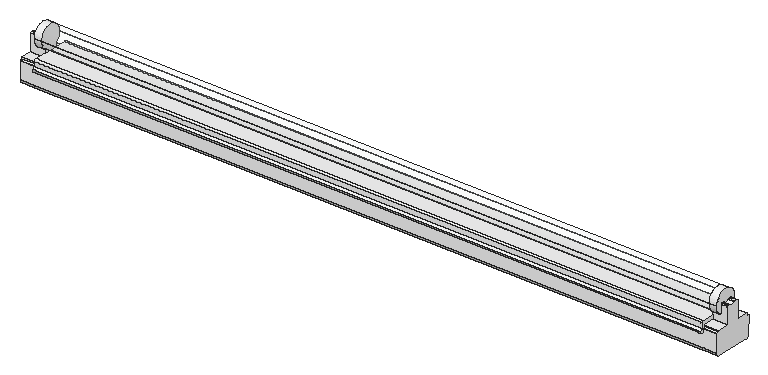
Revit family "CH4", category Lighting Fixtures, host Face, Revit 2012
Parameters (values of type "CH4-140-LE")
  Wattage Comments = "45W"
  Wattage = 9.2903 W
  built-in parameter 1150110 = 1.26 (stored number, unit not read)
  URL = "http://www.columbialighting.com/"
  built-in parameter 1114217 = 1.3366 (stored number, unit not read)
  Tilt Angle = -90.00°
  built-in parameter 1150109 = 1.56 (stored number, unit not read)
  built-in parameter 1150134 = 3
  built-in parameter 1150113 = 1 (stored number, unit not read)
  Product Page URL = "http://www.columbialighting.com/products/ch"
  Product Documentation Link = "http://www.columbialighting.com/content/products/specs/specs_files/ch.pdf"
  Photometric Web File = "8959.IES"
  Model = "CH4"  # constant formula
  Manufacturer Phone = "864.678.1000"  # constant formula
  Manufacturer Fax = "866.898.1065"  # constant formula
  Manufacturer = "Columbia Lighting"  # constant formula
  built-in parameter 1150105 = 109.82 (stored number, unit not read)
  Lumens = 1380 lm
  built-in parameter 1150115 = 1 (stored number, unit not read)
  built-in parameter 1150137 = 1
  built-in parameter 1150139 = (empty or 0)
  built-in parameter 1150112 = 1 (stored number, unit not read)
  built-in parameter 1150114 = 1 (stored number, unit not read)
  Lamp = "1"
  built-in parameter 1150132 = (empty or 0)
  built-in parameter 1150102 = (empty or 0)
  built-in parameter 1150107 = 3200 (stored number, unit not read)
  built-in parameter 1150138 = (empty or 0)
  built-in parameter 1150106 = 1.0982 (stored number, unit not read)
  Glass = Glass
  Emit from Line Length = 44.000"
  built-in parameter 1150104 = 13.8 (stored number, unit not read)
  Dimming Lamp Color Temperature Shift = <None>
  Description = "2', 3', 4', or 8' Heavy Duty Narrow Channel / 1or 2-Lamp T5, T8"  # constant formula
  Default Elevation = 48.000"
  Color Filter = 16777215
  built-in parameter 1114218 = 0.68 (stored number, unit not read)
  Ballast Factor = ".95"
  Backbox = White
  built-in parameter 1150133 = 10 (stored number, unit not read)
Reference planes (in)
  plane 1 "Center (Front/Back)": y = 0.03999
  plane 2: z = 0
  plane 3 "Center (Left/Right)": x = -0.42646
  plane 4: y = 1.53999
  plane 5: y = -1.46001
  plane 6: x = -24.42646
  plane 7: x = 23.57354
  plane 8: x = -23.92646
  plane 9: x = 23.07354
  plane 10: z = 3.4375
  plane 11: z = 1.5625
  plane 12: x = 22.57354
  plane 13: x = -23.42646
  plane 14: z = 1.8125
Forms (in)
  Extrusion 1, solid, material "White" <- "Backbox"
    sketch origin (-0.42646, 0, 0) x (0, 1, 0) y (0, 0, 1)
      loop
        line (0.03999, 1.5625) -> (-1.1639, 1.5625) -> (-1.1639, 1.4809)
        arc (-1.1639, 1.4809) -> (-1.18847, 1.42158) -> (-1.2478, 1.397) r 0.08389
        line (-1.2478, 1.397) -> (-1.30283, 1.397) -> (-1.30283, 0.20563)
        arc (-1.30283, 0.20563) -> (-1.24261, 0.06023) -> (-1.09721, 0) r 0.20563
        line (-1.09721, 0) -> (0.03999, 0) -> (1.17719, 0)
        arc (1.17719, 0) -> (1.32259, 0.06023) -> (1.38282, 0.20563) r 0.20563
        line (1.38282, 0.20563) -> (1.38282, 1.397) -> (1.32778, 1.397)
        arc (1.32778, 1.397) -> (1.26846, 1.42158) -> (1.24388, 1.4809) r 0.08389
        line (1.24388, 1.4809) -> (1.24388, 1.5625) -> (0.03999, 1.5625)
    from -24 to -23
  Extrusion 2, solid, material "White" <- "Backbox"
    sketch origin (-0.42646, 0, 0) x (0, 1, 0) y (0, 0, 1)
      loop
        line (1.38282, 0.20563) -> (1.38282, 1.147) -> (1.48609, 1.147)
        arc (1.48609, 1.147) -> (1.53766, 1.18078) -> (1.52729, 1.24156) r 0.05626
        arc (1.52729, 1.24156) -> (1.45578, 1.31995) -> (1.38282, 1.397) r 5.7198
        line (1.38282, 1.397) -> (1.38282, 1.71027)
        arc (1.38282, 1.71027) -> (1.35288, 1.78256) -> (1.28059, 1.8125) r 0.10223
        line (1.28059, 1.8125) -> (0.03999, 1.8125) -> (-1.20061, 1.8125)
        arc (-1.20061, 1.8125) -> (-1.27289, 1.78256) -> (-1.30283, 1.71027) r 0.10223
        line (-1.30283, 1.71027) -> (-1.30283, 1.397)
        arc (-1.30283, 1.397) -> (-1.37579, 1.31995) -> (-1.44731, 1.24156) r 5.7198
        arc (-1.44731, 1.24156) -> (-1.45768, 1.18078) -> (-1.40611, 1.147) r 0.05626
        line (-1.40611, 1.147) -> (-1.30283, 1.147) -> (-1.30283, 0.20563)
        arc (-1.30283, 0.20563) -> (-1.24261, 0.06023) -> (-1.09721, 0) r 0.20563
        line (-1.09721, 0) -> (0.03999, 0) -> (1.17719, 0)
        arc (1.17719, 0) -> (1.32259, 0.06023) -> (1.38282, 0.20563) r 0.20563
    from -23 to 23
  Extrusion 3, solid, material "White" <- "Backbox"
    sketch origin (-0.42646, 0, 0) x (0, 1, 0) y (0, 0, 1)
      loop
        line (1.24388, 1.4809) -> (1.24388, 1.5625) -> (0.03999, 1.5625) -> (-1.1639, 1.5625) -> (-1.1639, 1.4809)
        arc (-1.1639, 1.4809) -> (-1.18847, 1.42158) -> (-1.2478, 1.397) r 0.08389
        line (-1.2478, 1.397) -> (-1.30283, 1.397) -> (-1.30283, 0.20563)
        arc (-1.30283, 0.20563) -> (-1.24261, 0.06023) -> (-1.09721, 0) r 0.20563
        line (-1.09721, 0) -> (0.03999, 0) -> (1.17719, 0)
        arc (1.17719, 0) -> (1.32259, 0.06023) -> (1.38282, 0.20563) r 0.20563
        line (1.38282, 0.20563) -> (1.38282, 1.397) -> (1.32778, 1.397)
        arc (1.32778, 1.397) -> (1.26846, 1.42158) -> (1.24388, 1.4809) r 0.08389
    from 23 to 24
  Extrusion 4, solid, material "White" <- "Backbox"
    sketch origin (-0.42646, 0, 0) x (0, 1, 0) y (0, 0, 1)
      loop
        circle (0.03999, 2.67788) r 0.75962
    from 23 to 23.5
  Extrusion 5, solid, material "White" <- "Backbox"
    sketch origin (-0.42646, 0, 0) x (0, 1, 0) y (0, 0, 1)
      loop
        line (-0.20913, 2.7447) -> (-0.33744, 2.7447)
        arc (-0.33744, 2.7447) -> (-0.37267, 2.73011) -> (-0.38726, 2.69488) r 0.04982
        line (-0.38726, 2.69488) -> (-0.38726, 1.5625) -> (0.46724, 1.5625) -> (0.46724, 2.6918)
        arc (0.46724, 2.6918) -> (0.45174, 2.72921) -> (0.41433, 2.7447) r 0.05291
        line (0.41433, 2.7447) -> (0.2463, 2.7447)
        arc (0.2463, 2.7447) -> (0.22298, 2.73902) -> (0.20488, 2.72324) r 0.0507
        arc (0.20488, 2.72324) -> (0.02033, 2.62769) -> (-0.16483, 2.72204) r 0.22742
        arc (-0.16483, 2.72204) -> (-0.18425, 2.73871) -> (-0.20913, 2.7447) r 0.05462
    from -24 to -23
  Extrusion 6, solid, material "White" <- "Backbox"
    sketch origin (-0.42646, 0, 0) x (0, 1, 0) y (0, 0, 1)
      loop
        line (0.41433, 2.7447) -> (0.2463, 2.7447)
        arc (0.2463, 2.7447) -> (0.22298, 2.73902) -> (0.20488, 2.72324) r 0.0507
        arc (0.20488, 2.72324) -> (0.02033, 2.62769) -> (-0.16483, 2.72204) r 0.22742
        arc (-0.16483, 2.72204) -> (-0.18425, 2.73871) -> (-0.20913, 2.7447) r 0.05462
        line (-0.20913, 2.7447) -> (-0.33744, 2.7447)
        arc (-0.33744, 2.7447) -> (-0.37267, 2.73011) -> (-0.38726, 2.69488) r 0.04982
        line (-0.38726, 2.69488) -> (-0.38726, 1.5625) -> (0.46724, 1.5625) -> (0.46724, 2.6918)
        arc (0.46724, 2.6918) -> (0.45174, 2.72921) -> (0.41433, 2.7447) r 0.05291
    from 23 to 24
  Extrusion 7, solid, material "Glass" <- "Glass"
    sketch origin (-0.42646, 0, 0) x (0, 1, 0) y (0, 0, 1)
      loop
        circle (0.03999, 2.67788) r 0.75
    from -23 to 23
  Extrusion 8, solid, material "White" <- "Backbox"
    sketch origin (-0.42646, 0, 0) x (0, 1, 0) y (0, 0, 1)
      loop
        circle (0.03999, 2.67788) r 0.75
    from -23 to -23.5
Cuts and joins
  joined: Extrusion 1, Extrusion 2, Extrusion 3, Extrusion 4, Extrusion 5, Extrusion 6, Extrusion 8
Lines and regions (in)
  model lines
    curve 1: circle (23.57354, 0.04069, 0.78321) r 0.5 normal (1, 0, 0)
    curve 2: circle (23.57354, 0.03253, 0.77505) r 0.28793 normal (1, 0, 0)
    curve 3: circle (23.57354, 0.97735, 1.13799) r 0.09942 normal (1, 0, 0)
    curve 4: circle (23.57354, -0.89737, 1.13799) r 0.09942 normal (-1, 0, 0)
    curve 5: circle (-24.42646, 0.04069, 0.78321) r 0.5 normal (1, 0, 0)
    curve 6: circle (-24.42646, 0.03253, 0.77505) r 0.28793 normal (1, 0, 0)
    curve 7: circle (-24.42646, 0.97735, 1.13799) r 0.09942 normal (1, 0, 0)
    curve 8: circle (-24.42646, -0.89737, 1.13799) r 0.09942 normal (-1, 0, 0)
Dimensions and locks (in)
  equal spacing: plane 4, plane 1 "Center (Front/Back)", plane 5
  locked: plane 4 to plane 5 at 3
  equal spacing: plane 7, plane 3 "Center (Left/Right)", plane 6
  locked: plane 7 to plane 6 at 48
  locked: plane 8 to plane 6 at 0.5
  locked: plane 9 to plane 7 at 0.5
  locked: plane 10 to level at 3.4375
  locked: plane 11 to host face at 1.5625
  locked: plane 12 to plane 7 at 1
  locked: plane 13 to plane 6 at 1
  locked: plane 14 to host face at 1.8125
  equal spacing: Extrusion 5 sketch curve, plane 1 "Center (Front/Back)", Extrusion 5 sketch curve
  aligned and locked: plane 2 to host face
  aligned and locked: level to host face
  aligned and locked: Extrusion 2 sketch curve to Extrusion 1  (x2)
  aligned and locked: Extrusion 3 sketch curve to Extrusion 1  (x10)
  aligned and locked: Extrusion 2 to plane 13
  aligned and locked: Extrusion 2 to plane 12
  aligned and locked: Extrusion 3 to plane 7
  aligned and locked: plane 12 to Extrusion 3
  aligned and locked: Extrusion 1 to plane 6
  aligned and locked: plane 13 to Extrusion 1
  aligned and locked: Extrusion 4 to plane 9
  aligned and locked: plane 12 to Extrusion 4
  aligned and locked: Extrusion 5 sketch curve to Extrusion 5 sketch curve
  aligned and locked: plane 11 to Extrusion 5 sketch curve
  aligned and locked: Extrusion 6 sketch curve to Extrusion 5  (x7)
  aligned and locked: Extrusion 6 to plane 7
  aligned and locked: plane 12 to Extrusion 6
  aligned and locked: Extrusion 5 to plane 6
  aligned and locked: plane 13 to Extrusion 5
  aligned and locked: Extrusion 8 sketch curve to Extrusion 7  (x2)
  aligned and locked: Extrusion 8 to plane 13
  aligned and locked: Extrusion 8 to plane 8
  aligned and locked: Extrusion 7 to plane 13
  aligned and locked: Extrusion 7 to plane 12
Automatic sketch dimensions
  host sketch curve to host sketch curve = 96.000"  (x2)
  Extrusion 1 sketch curve to plane 11 = 0.000"
  Extrusion 1 sketch curve to level = 0.000"
  Extrusion 1 sketch curve to plane 1 "Center (Front/Back)" = 0.000"  (x2)
  plane 5 to Extrusion 1 sketch curve = 0.3628"
  Extrusion 1 sketch curve to plane 11 = 0.0816"
  plane 5 to Extrusion 1 sketch curve = 0.29611"
  Extrusion 1 sketch curve to Extrusion 1 sketch curve = 0.08389"  (x2)
  plane 5 to Extrusion 1 sketch curve = 0.15717"
  plane 4 to Extrusion 1 sketch curve = 0.3628"
  plane 4 to Extrusion 1 sketch curve = 0.29611"
  Extrusion 1 sketch curve to Extrusion 1 sketch curve = 0.05504"
  Extrusion 1 sketch curve to plane 11 = 0.1655"
  Extrusion 4 sketch curve to plane 1 "Center (Front/Back)" = 0.000"
  Extrusion 4 sketch curve to plane 10 = 0.75962"
  plane 1 "Center (Front/Back)" to Extrusion 5 sketch curve = 0.42725"
  Extrusion 5 sketch curve to Extrusion 5 sketch curve = 0.04982"
  Extrusion 5 sketch curve to Extrusion 5 sketch curve = 0.12831"
  Extrusion 5 sketch curve to Extrusion 5 sketch curve = 0.04429"
  Extrusion 5 sketch curve to Extrusion 5 sketch curve = 0.000"  (x2)
  plane 1 "Center (Front/Back)" to Extrusion 5 sketch curve = 0.0204"
  Extrusion 5 sketch curve to plane 1 "Center (Front/Back)" = 0.16489"
  Extrusion 5 sketch curve to Extrusion 5 sketch curve = 0.04142"
  Extrusion 5 sketch curve to Extrusion 5 sketch curve = 0.05291"
  Extrusion 5 sketch curve to plane 10 = 0.7457"
  Extrusion 7 sketch curve to Extrusion 7 sketch curve = 0.000"  (x2)
  Extrusion 7 sketch curve to plane 1 "Center (Front/Back)" = 0.000"
  plane 5 to Extrusion 7 sketch curve = 0.750"
  Extrusion 7 sketch curve to plane 10 = 0.75962"
  Extrusion 2 sketch curve to plane 14 = 0.000"
  Extrusion 2 sketch curve to plane 1 "Center (Front/Back)" = 0.000"  (x2)
  level to Extrusion 2 sketch curve = 0.20563"
  plane 5 to Extrusion 2 sketch curve = 0.3628"
  plane 5 to Extrusion 2 sketch curve = 0.2594"
  Extrusion 2 sketch curve to plane 14 = 0.10223"
  plane 5 to Extrusion 2 sketch curve = 0.0539"
  plane 5 to Extrusion 2 sketch curve = 0.0127"
  Extrusion 2 sketch curve to plane 5 = 1.27383"
  plane 4 to Extrusion 2 sketch curve = 0.2594"
  plane 4 to Extrusion 2 sketch curve = 0.15717"
  plane 4 to Extrusion 2 sketch curve = 0.0539"
  plane 4 to Extrusion 2 sketch curve = 0.0127"
  Extrusion 2 sketch curve to plane 4 = 1.27383"
  Extrusion 2 sketch curve to level = 2.57406"  (x2)
  Extrusion 2 sketch curve to plane 11 = 0.4155"  (x2)
  Extrusion 2 sketch curve to Extrusion 2 sketch curve = 0.05626"  (x2)
  Extrusion 3 sketch curve to plane 1 "Center (Front/Back)" = 0.000"  (x2)
  curve 4 to Extrusion 3 = 0.26653"
  curve 4 to curve 2 = 0.9299"
  curve 2 to curve 1 = 0.00816"  (x2)
  curve 3 to Extrusion 3 = 0.26653"
  curve 2 to Extrusion 3 = 0.62195"
  curve 4 to Extrusion 3 = 0.25901"
  curve 3 to Extrusion 3 = 0.25901"
  plane 5 to curve 8 = 0.56264"
  plane 1 "Center (Front/Back)" to curve 6 = 0.00746"
  curve 5 to plane 1 "Center (Front/Back)" = 0.0007"
  plane 4 to curve 7 = 0.56264"
  curve 8 to plane 11 = 0.42451"
  curve 7 to plane 11 = 0.42451"
  curve 5 to plane 11 = 0.77929"
  curve 5 to curve 6 = 0.00816"
  radius of Extrusion 4 sketch curve = 0.75962"
  radius of curve 1 = 0.500"
  radius of curve 2 = 0.28793"
  radius of curve 3 = 0.09942"
  radius of curve 4 = 0.09942"
  radius of curve 5 = 0.500"
  radius of curve 6 = 0.28793"
  radius of curve 7 = 0.09942"
  radius of curve 8 = 0.09942"
Connectors (in)
  electrical at (-7.08271, 0, 0), driven by "Description"
    settings: on host face, index 1, voltage 0 V, apparent load 0 VA, apparent load phase1 0 VA, apparent load phase2 0 VA, apparent load phase3 0 VA, power factor 1, load classification "Other", number of poles 1, system type 30, power factor state 1, is connector primary yes, connector utility no, sub classification motor no, connector description "2', 3', 4', or 8' Heavy Duty Narrow Channel / 1or 2-Lamp T5, T8"
